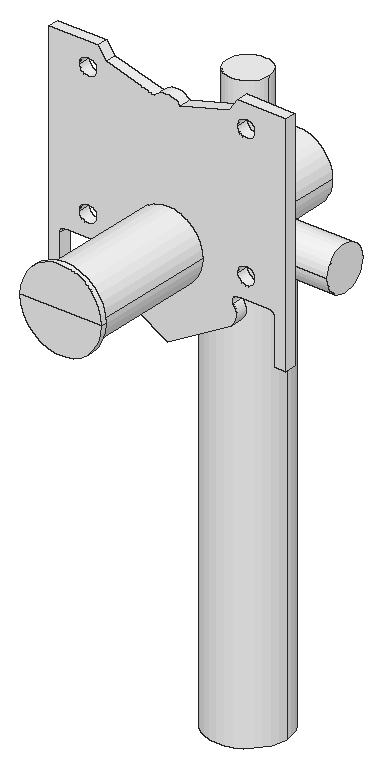
Revit family "Plumbing Fixture-Water_Closet_Carrier_Mifab_MC-25", category Plumbing Fixtures, host Face, Revit 2013
Parameters
  WFU = 0
  URL = "www.mifab.com"
  Model = "MC-25"
  Manufacturer = "MIFAB"
  Floor Drain Material = Paint - Sherwin Williams Paint - #952C2A - Bellwood Red
  Description = "Residential Water Closet Carrier With Fitting"
  Default Elevation = 0.000"
  Assembly Code = ""
Reference planes (in)
  plane 1 "Center (Front/Back)": y = 0
  plane 2: z = 0
  plane 3 "Center (Left/Right)": x = 0
Forms (in)
  Extrusion 1, solid, material "Paint - Sherwin Williams Paint - #952C2A - Bellwood Red" <- "Floor Drain Material"
    sketch origin (0, 0.373, -10.16783) x (1, 0, 0) y (0, 0, 1)
      loop
        line (-6.75, 23.04283) -> (-6.75, 10.16783) -> (-6.1042, 10.16783) -> (-6.1042, 12.75458)
        arc (-6.1042, 12.75458) -> (-6.01199, 12.96623) -> (-5.7942, 13.04283) r 0.28902
        line (-5.7942, 13.04283) -> (-4.07878, 13.04283)
        arc (-4.07878, 13.04283) -> (-3.77847, 12.89241) -> (-3.71908, 12.56182) r 0.375
        arc (-3.71908, 12.56182) -> (-3.93299, 11.98304) -> (-3.6544, 11.43246) r 0.77182
        line (-3.6544, 11.43246) -> (0, 9.32259) -> (3.6544, 11.43246)
        arc (3.6544, 11.43246) -> (3.93299, 11.98304) -> (3.71908, 12.56182) r 0.77182
        arc (3.71908, 12.56182) -> (3.77847, 12.89241) -> (4.07878, 13.04283) r 0.375
        line (4.07878, 13.04283) -> (5.7942, 13.04283)
        arc (5.7942, 13.04283) -> (6.01199, 12.96623) -> (6.1042, 12.75458) r 0.28902
        line (6.1042, 12.75458) -> (6.1042, 10.16783) -> (6.75, 10.16783) -> (6.75, 23.04283) -> (3.9842, 23.04283) -> (3.52337, 22.3847) -> (0.72608, 21.60568)
        arc (0.72608, 21.60568) -> (0, 21.94215) -> (-0.72608, 21.60568) r 0.95164
        line (-0.72608, 21.60568) -> (-3.52337, 22.3847) -> (-3.9842, 23.04283) -> (-6.75, 23.04283)
      loop
        circle (-4.5, 21.75) r 0.5
      loop
        circle (-4.5, 14.25) r 0.5
      loop
        circle (4.5, 14.25) r 0.5
      loop
        circle (4.5, 21.75) r 0.5
    from 0 to 0.65625
  Extrusion 2, solid, material "Paint - Sherwin Williams Paint - #952C2A - Bellwood Red" <- "Floor Drain Material"
    sketch origin (0, 2.4438, -10.16783) x (1, 0, 0) y (0, 1, 0)
      loop
        circle (-0.01742, 3.0243) r 2.19
    from -12.71767 to 13.04283
  Revolve 3, solid, material "Paint - Sherwin Williams Paint - #952C2A - Bellwood Red" <- "Floor Drain Material"
    sketch origin (0, 0, 4.08217) x (1, 0, 0) y (0, 1, 0)
      loop
        line (0, -7.84575) -> (0, 8.93066) -> (-2, 8.93066) -> (-2, -7.59575) -> (-2.3265, -7.59575) -> (-2.3265, -7.84575) -> (0, -7.84575)
      axis (0, -7.84575) -> (0, 8.93066)
    angle from 0 to 360
  Extrusion 4, solid, material "Paint - Sherwin Williams Paint - #952C2A - Bellwood Red" <- "Floor Drain Material"
    sketch origin (0, 2.4438, 17.06435) x (0, -1, 0) y (1, 0, 0)
      loop
        circle (-3.0243, -0.01742) r 1.2
    from -12.12165 to -6.48218
  Extrusion 5, solid, material "Paint - Sherwin Williams Paint - #952C2A - Bellwood Red" <- "Floor Drain Material"
    sketch origin (-5.59554, 2.43629, -9.96892) x (0, 1, 0) y (0, 0, 1)
      loop
        circle (3.0243, 12.28344) r 1.25
    from 0.09554 to 11.09554
Cuts and joins
  joined: Extrusion 1, Extrusion 2, Revolve 3, Extrusion 4, Extrusion 5
Dimensions and locks (in)
  Extrusion 1 sketch curve to Extrusion 1 sketch curve = 7.500"
  Revolve 3 sketch curve to Revolve 3 sketch curve = 2.3265"
  Extrusion 1 sketch curve to plane 3 "Center (Left/Right)" = 6.750"  (x2)
  aligned and locked: plane 2 to host face
  aligned and locked: level to host face
  aligned and locked: Extrusion 2 to cut or joined group of Extrusion 1, Extrusion 2, Revolve 3, Extrusion 4, Extrusion 5
Connectors (in)
  piping at (0, -7.84575, 4.08217)
    settings: on cut or joined group of Extrusion 1, Extrusion 2, Revolve 3, Extrusion 4, Extrusion 5, index 1, connector radius 2", flow factor 0, pipe flow 0 GPM, pressure drop 0.00 psi, fitting loss kfactor 0, connector angle 0.00°, fixture units 0, engagement length 0.000", flow configuration 0, flow direction 0, fitting loss method 0, system type 7, joint type 0, gender type 0, connector reference index -1, connector utility 0, adjustable connector no, is connector primary yes, fitting loss table "", connector description ""
  piping at (-5.5, 5.46059, 2.31452)
    settings: on cut or joined group of Extrusion 1, Extrusion 2, Revolve 3, Extrusion 4, Extrusion 5, index 2, connector radius 1", flow factor 0, pipe flow 0 GPM, pressure drop 0.00 psi, fitting loss kfactor 0, connector angle 0.00°, fixture units 0, engagement length 0.000", flow configuration 0, flow direction 0, fitting loss method 0, system type 7, joint type 0, gender type 0, connector reference index -1, connector utility 0, adjustable connector no, is connector primary no, fitting loss table "", connector description ""
  piping at (5.5, 5.46059, 2.31452)
    settings: on cut or joined group of Extrusion 1, Extrusion 2, Revolve 3, Extrusion 4, Extrusion 5, index 3, connector radius 1", flow factor 0, pipe flow 0 GPM, pressure drop 0.00 psi, fitting loss kfactor 0, connector angle 0.00°, fixture units 0, engagement length 0.000", flow configuration 0, flow direction 0, fitting loss method 0, system type 7, joint type 0, gender type 0, connector reference index -1, connector utility 0, adjustable connector no, is connector primary no, fitting loss table "", connector description ""
